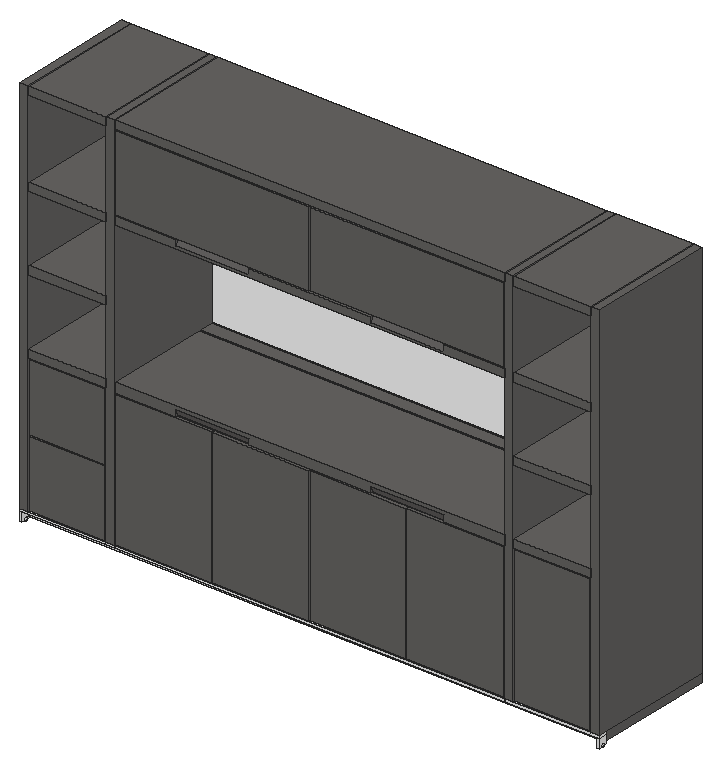
Revit family "Storage-Wall-Teknion-ZXDS_74_High_Without_Lights-R2011", category Furniture Systems, Revit 2013
Parameters (values of type "(See Type Catalog)")
  Working Wall Finish [instance] = Glass - Teknion - K6 - White Backpainted
  Width = 108 105/128"
  Warranty = "http://www.teknionstudio.com/pdfs/Teknion%20Studio%20Warranty.pdf"
  Wall Unit Finish [instance] = Veneer - Teknion - P7 - Grey Oak
  Unit Weight = 740.00 lbf
  URL = "www.teknionstudio.com"
  Left Tabletop Cutout Offset = if(Has Left Double Doors, 0", 4")  # 0"
  Right Tabletop Cutout Offset = if(Has Right Double Doors, 0", 5")  # 0"
  Right Storage Tower = Storage-Unit-Teknion-Tower : Upper Shelves & Lower Door
  Left Storage Tower = Storage-Unit-Teknion-Tower : Upper Shelves & File/File Pedestal
  Series = "B&B Italia"
  Product Page URL = "http://www.teknionstudio.com/acexecutive/"
  Product Line = "AC Executive"
  Product Documentation Link = "http://www.teknionstudio.com/pricing/ac_executive_storage_walls_ppg.pdf"
  Part Number = "ZXDS"
  Model = ""
  Manufacturer Phone = "919-464-2920"
  Manufacturer Fax = "919-464-2927"
  Manufacturer Email = "customersupport@teknionstudio.com"
  Manufacturer Address = "3940 US 70 Business HWY West, Clayton, NC 27520"
  Manufacturer = "Teknion Studio"  # constant formula
  Low Emitting Material = yes
  Low Emitting Finish = yes
  Height = 73.81394"
  Has Right File File Drawers = not(Has Right Double Doors)  # no
  Has Right Double Doors = yes
  Has Left File File Drawers = not(Has Left Double Doors)  # no
  Has Left Double Doors = yes
  Description = ""
  Depth = 24"
  Assembly Code = "E2020200"
Reference planes (in)
  plane 1 "Center F/B": y = 0
  plane 2: z = 0
  plane 3 "Back": y = 12
  plane 4 "Front": y = -12
  plane 5 "Top": z = 73.81394
  plane 6: x = 28.60504
  plane 7: z = 29.68402
  plane 8: z = 56.1289
  plane 9: x = -44.78207
  plane 10: z = 2.1289
  plane 11 "Center L/R": x = -8.08858
  plane 12 "Foot Centerline": y = -11.2126
  plane 13 "Tabletop Cutout": y = -12
  plane 14 "Foot Centerline Front": y = -10.22835
  plane 15 "Foot Centerline Back": y = 10.22835
  plane 16: y = -8.484
  plane 17 "Left": x = -62.49874
  plane 18 "Right": x = 46.32157
  plane 19: y = -12
Forms (in)
  Sweep 1, solid, material "Metal - Teknion - C6 - Chrome"
    path origin (0, 0, 0) x (1, 0, 0) y (0, 0, 1)
      loop
        line (-44.78207, 2.1289) -> (28.60504, 2.1289)
    profile origin (-8.08852, 0, 2.1289) x (0, 0, 1) y (0, -1, 0)
      loop
        line (0, 12) -> (-0.394, 12) -> (-0.394, 10.4252) -> (0, 10.4252) -> (0, 12)
  Sweep 2, solid, material "Metal - Teknion - C6 - Chrome"
    path origin (0, 0, 0) x (1, 0, 0) y (0, 0, 1)
      loop
        line (-44.78207, 2.1289) -> (28.60504, 2.1289)
    profile origin (-8.08852, 0, 2.1289) x (0, 0, 1) y (0, -1, 0)
      loop
        line (-0.394, 10.6222) -> (-1.5748, 10.6222) -> (-1.5748, 10.4252) -> (-0.394, 10.4252) -> (-0.394, 10.6222)
  Sweep 3, solid, material "Veneer - Teknion - P7 - Grey Oak" <- "Wall Unit Finish"
    path origin (0, 0, 0) x (1, 0, 0) y (0, 0, 1)
      loop
        line (-44.78207, 29.68402) -> (28.60504, 29.68402)
    profile origin (-8.08852, 0, 29.68402) x (0, 0, 1) y (0, -1, 0)
      loop
        line (0, 12) -> (-1.7638, 12) -> (-1.7638, -7.11393) -> (-5.30827, -7.11393) -> (-5.30827, -11.25) -> (-29.0945, -11.25) -> (-29.0945, -12) -> (44.12992, -12) -> (44.12992, 12) -> (42.59022, 12) -> (42.59022, 11.2126) -> (27.98392, 11.2126) -> (27.98392, 12) -> (26.44488, 12) -> (26.44488, -10.94094) -> (0, -10.94094) -> (0, -10.90969) -> (-0.72441, -10.90969) -> (-0.72441, -10.56693) -> (0, -10.56693) -> (0, -8.05709) -> (-0.72441, -8.05709) -> (-0.72441, -7.80709) -> (0, -7.80709) -> (0, 12)
  Sweep 4, solid, material "Veneer - Teknion - P7 - Grey Oak" <- "Wall Unit Finish"
    path origin (0, 0, 0) x (1, 0, 0) y (0, 0, 1)
      loop
        line (-44.78207, 29.68402) -> (28.60504, 29.68402)
    profile origin (-8.08852, 0, 29.68402) x (0, 0, 1) y (0, -1, 0)
      loop
        line (-1.7638, 11.27559) -> (-27.55512, 11.27559) -> (-27.55512, 10.4252) -> (-29.0945, 10.4252) -> (-29.0945, -11.25) -> (-1.7638, -11.25) -> (-1.7638, 11.27559)
  Sweep 5, solid, material "Veneer - Teknion - P7 - Grey Oak" <- "Wall Unit Finish"
    path origin (0, 0, 15.40683) x (-1, 0, 0) y (0, -1, 0)
      loop
        line (16.17717, 12) -> (16.17717, 11.276)
    profile origin (-16.17717, -11.638, 15.40683) x (-1, 0, 0) y (0, 0, 1)
      loop
        line (28.35376, 42.5111) -> (28.35376, 56.6174) -> (-7.96416, 56.6174) -> (-7.96416, 42.5111) -> (28.35376, 42.5111)
      loop
        line (-8.21416, 56.6174) -> (-44.5322, 56.6174) -> (-44.5322, 42.5111) -> (-8.21416, 42.5111) -> (-8.21416, 56.6174)
  Sweep 6, solid, material "Veneer - Teknion - P7 - Grey Oak" <- "Wall Unit Finish", visible <- "Has Right Double Doors"
    path origin (0, 0, 15.40683) x (-1, 0, 0) y (0, -1, 0)
      loop
        line (16.17717, 12) -> (16.17717, 11.276)
    profile origin (-16.17717, -11.638, 15.40683) x (-1, 0, 0) y (0, 0, 1)
      loop
        line (-44.5322, 12.26339) -> (-44.5322, -13.03482) -> (-26.41531, -13.03482) -> (-26.41531, 12.26339) -> (-44.5322, 12.26339)
      loop
        line (-26.16531, 12.26339) -> (-26.16531, -13.03482) -> (-8.21358, -13.03482) -> (-8.21358, 12.26339) -> (-26.16531, 12.26339)
  Sweep 7, solid, material "Veneer - Teknion - P7 - Grey Oak" <- "Wall Unit Finish", visible <- "Has Right File File Drawers"
    path origin (0, 0, 15.40683) x (-1, 0, 0) y (0, -1, 0)
      loop
        line (16.17717, 12) -> (16.17717, 11.276)
    profile origin (-16.17717, -11.638, 15.40683) x (-1, 0, 0) y (0, 0, 1)
      loop
        line (-44.5315, 12.26339) -> (-44.5315, 0.01144) -> (-8.21358, 0.01144) -> (-8.21358, 12.26339) -> (-44.5315, 12.26339)
      loop
        line (-8.21358, -0.77597) -> (-44.5315, -0.77597) -> (-44.5315, -13.03482) -> (-8.21358, -13.03482) -> (-8.21358, -0.77597)
  Sweep 8, void
    path origin (0, 0, 0) x (1, 0, 0) y (0, 0, 1)
      loop
        line (3.34896, 29.68402) -> (17.12848, 29.68402)
    profile origin (10.23872, 0, 29.68402) x (0, 0, 1) y (0, -1, 0)
      loop
        line (-1.7638, 12) -> (-1.7638, 11.52756) -> (-0.66143, 12) -> (-1.7638, 12)
  Sweep 9, void
    path origin (0, 0, 0) x (1, 0, 0) y (0, 0, 1)
      loop
        line (-33.3248, 56.1289) -> (-19.54528, 56.1289)
    profile origin (-26.43504, 0, 56.1289) x (0, 0, 1) y (0, -1, 0)
      loop
        line (1.53937, 12) -> (0.43699, 12) -> (1.53937, 11.52755) -> (1.53937, 12)
  Sweep 10, void
    path origin (0, 0, 0) x (1, 0, 0) y (0, 0, 1)
      loop
        line (3.36811, 56.1289) -> (17.14764, 56.1289)
    profile origin (10.25787, 0, 56.1289) x (0, 0, 1) y (0, -1, 0)
      loop
        line (1.53937, 11.52755) -> (1.53937, 12) -> (0.43699, 12) -> (1.53937, 11.52755)
  Sweep 11, void
    path origin (0, 0, 0) x (1, 0, 0) y (0, 1, 0)
      loop
        line (-8.08858, 12) -> (-8.08858, 11.25)
    profile origin (-8.08858, 11.625, 0) x (1, 0, 0) y (0, 0, 1)
      loop
        line (32.75666, 25.86173) -> (32.75666, 26.43423)
        arc (32.75666, 26.43423) -> (32.58092, 26.8585) -> (32.15666, 27.03423) r 0.6
        line (32.15666, 27.03423) -> (30.40353, 27.03423)
        arc (30.40353, 27.03423) -> (29.97927, 26.8585) -> (29.80353, 26.43423) r 0.6
        line (29.80353, 26.43423) -> (29.80353, 25.86173)
        arc (29.80353, 25.86173) -> (29.97927, 25.43747) -> (30.40353, 25.26173) r 0.6
        line (30.40353, 25.26173) -> (32.15666, 25.26173)
        arc (32.15666, 25.26173) -> (32.58092, 25.43747) -> (32.75666, 25.86173) r 0.6
      loop
        line (32.75666, 4.2289) -> (32.75666, 4.8014)
        arc (32.75666, 4.8014) -> (32.58092, 5.22566) -> (32.15666, 5.4014) r 0.6
        line (32.15666, 5.4014) -> (30.40353, 5.4014)
        arc (30.40353, 5.4014) -> (29.97927, 5.22566) -> (29.80353, 4.8014) r 0.6
        line (29.80353, 4.8014) -> (29.80353, 4.2289)
        arc (29.80353, 4.2289) -> (29.97927, 3.80464) -> (30.40353, 3.6289) r 0.6
        line (30.40353, 3.6289) -> (32.15666, 3.6289)
        arc (32.15666, 3.6289) -> (32.58092, 3.80464) -> (32.75666, 4.2289) r 0.6
      loop
        arc (-32.75666, 25.86173) -> (-32.58092, 25.43747) -> (-32.15666, 25.26173) r 0.6
        line (-32.15666, 25.26173) -> (-30.40353, 25.26173)
        arc (-30.40353, 25.26173) -> (-29.97927, 25.43747) -> (-29.80353, 25.86173) r 0.6
        line (-29.80353, 25.86173) -> (-29.80353, 26.43423)
        arc (-29.80353, 26.43423) -> (-29.97927, 26.8585) -> (-30.40353, 27.03423) r 0.6
        line (-30.40353, 27.03423) -> (-32.15666, 27.03423)
        arc (-32.15666, 27.03423) -> (-32.58092, 26.8585) -> (-32.75666, 26.43423) r 0.6
        line (-32.75666, 26.43423) -> (-32.75666, 25.86173)
      loop
        arc (-32.75666, 4.2289) -> (-32.58092, 3.80464) -> (-32.15666, 3.6289) r 0.6
        line (-32.15666, 3.6289) -> (-30.40353, 3.6289)
        arc (-30.40353, 3.6289) -> (-29.97927, 3.80464) -> (-29.80353, 4.2289) r 0.6
        line (-29.80353, 4.2289) -> (-29.80353, 4.8014)
        arc (-29.80353, 4.8014) -> (-29.97927, 5.22566) -> (-30.40353, 5.4014) r 0.6
        line (-30.40353, 5.4014) -> (-32.15666, 5.4014)
        arc (-32.15666, 5.4014) -> (-32.58092, 5.22566) -> (-32.75666, 4.8014) r 0.6
        line (-32.75666, 4.8014) -> (-32.75666, 4.2289)
  Sweep 12, solid, material "Veneer - Teknion - P7 - Grey Oak" <- "Wall Unit Finish", visible <- "Has Left File File Drawers"
    path origin (-36.67323, 0, 15.40683) x (-1, 0, 0) y (0, -1, 0)
      loop
        line (-28.58465, 12) -> (-28.58465, 11.276)
    profile origin (-8.08858, -11.638, 15.40683) x (-1, 0, 0) y (0, 0, 1)
      loop
        line (36.44291, 12.26339) -> (0.125, 12.26339) -> (0.125, 0.01144) -> (36.44291, 0.01144) -> (36.44291, 12.26339)
      loop
        line (0.125, -0.77597) -> (0.125, -13.03482) -> (36.44291, -13.03482) -> (36.44291, -0.77597) -> (0.125, -0.77597)
  Sweep 13, solid, material "Veneer - Teknion - P7 - Grey Oak" <- "Wall Unit Finish", visible <- "Has Left Double Doors"
    path origin (-36.6535, 0, 15.40683) x (-1, 0, 0) y (0, -1, 0)
      loop
        line (-28.56492, 12) -> (-28.56492, 11.276)
    profile origin (-8.08858, -11.638, 15.40683) x (-1, 0, 0) y (0, 0, 1)
      loop
        line (0.125, 12.26339) -> (0.125, -13.03482) -> (18.15924, -13.03482) -> (18.15924, 12.26339) -> (0.125, 12.26339)
      loop
        line (18.40924, 12.26339) -> (18.40924, -13.03482) -> (36.44349, -13.03482) -> (36.44349, 12.26339) -> (18.40924, 12.26339)
  Sweep 14, void
    path origin (-35.79532, 0, 0) x (1, 0, 0) y (0, 0, 1)
      loop
        line (2.47023, 29.68402) -> (16.24976, 29.68402)
    profile origin (-26.43533, 0, 29.68402) x (0, 0, 1) y (0, -1, 0)
      loop
        line (-1.7638, 12) -> (-1.7638, 11.52756) -> (-0.66143, 12) -> (-1.7638, 12)
Cuts and joins
  joined: Sweep 1, Sweep 2
  Sweep 8, Sweep 9, Sweep 10, Sweep 11, Sweep 14 cuts Sweep 3
Lines and regions (in)
  Masking region 1
    outline origin (0, 0, 15.40683) x (-1, 0, 0) y (0, -1, 0)
      loop
        line (44.78207, -12) -> (44.78207, 12) -> (-28.60504, 12) -> (-28.60504, -12) -> (44.78207, -12)
  symbolic lines, style "Elevation Swing"
    curve 1: line (-44.78207, -12, 57.66827) -> (-26.43533, -12, 72.02424)
    curve 2: line (-8.08858, -12, 57.66832) -> (-26.43533, -12, 72.02424)
    curve 3: line (-8.08858, 0, 57.66832) -> (10.19601, 0, 72.02424)
    curve 4: line (10.19601, 0, 72.02424) -> (28.60504, 0, 57.66827)
  symbolic lines, style "Elevation Swing", visible <- "Has Right Double Doors"
    curve 5: line (9.98815, 0, 27.67022) -> (-7.96358, 0, 15.02111)
    curve 6: line (-7.96358, 0, 15.02111) -> (9.98815, 0, 2.37201)
    curve 7: line (10.23815, 0, 2.37201) -> (28.3549, 0, 15.02456)
    curve 8: line (28.3549, 0, 15.02456) -> (10.23815, 0, 27.67022)
  symbolic lines, detail levels medium+fine
    curve 9: line (-8.08852, 12, 15.40683) -> (-8.08852, -12, 15.40683)
  symbolic lines, style "FurnitureSystemsHiddenLines", detail levels fine
    curve 10: line (28.6049, -11.276, 15.40683) -> (-44.78207, -11.276, 15.40683)
    curve 15: line (28.6049, 12, 15.40683) -> (28.6049, -12, 15.40683)
  symbolic lines, visible <- "Has Right Double Doors"
    curve 11: arc (10.25826, -12, 15.40683) -> (15.63187, -24.97304, 15.40683) -> (28.6049, -30.34664, 15.40683) r 18.34664
    curve 12: line (-8.08852, -12, 15.40683) -> (-8.08852, -30.34678, 15.40683)
    curve 13: line (28.6049, -12, 15.40683) -> (28.6049, -30.34664, 15.40683)
    curve 14: arc (-8.08852, -30.34678, 15.40683) -> (4.88461, -24.97313, 15.40683) -> (10.25826, -12, 15.40683) r 18.34678
  symbolic lines, style "Elevation Swing", visible <- "Has Left Double Doors"
    curve 16: line (-26.24783, 0, 2.37201) -> (-8.21358, 0, 15.02111)
    curve 17: line (-8.21358, 0, 15.02111) -> (-26.24783, 0, 27.67022)
    curve 18: line (-26.49783, 0, 27.67022) -> (-44.53207, 0, 15.02111)
    curve 19: line (-44.53207, 0, 15.02111) -> (-26.49783, 0, 2.37201)
  symbolic lines, visible <- "Has Left Double Doors"
    curve 20: arc (-26.43529, -12, 15.40683) -> (-31.80894, -24.97313, 15.40683) -> (-44.78207, -30.34678, 15.40683) r 18.34678
    curve 21: line (-8.08852, -12, 15.40683) -> (-8.08852, -30.34678, 15.40683)
    curve 22: line (-44.78207, -12, 15.40683) -> (-44.78207, -30.34678, 15.40683)
    curve 23: arc (-8.08852, -30.34678, 15.40683) -> (-21.06165, -24.97313, 15.40683) -> (-26.43529, -12, 15.40683) r 18.34678
Dimensions and locks (in)
  equal spacing: plane 3 "Back", plane 1 "Center F/B", plane 4 "Front"
  "Depth": plane 3 "Back" to plane 4 "Front"
  "Height": plane 5 "Top" to plane 2
  locked: plane 7 to plane 2 at 29.68402
  locked: plane 8 to plane 7 at 26.44488
  locked: plane 10 to plane 2 at 2.1289
  locked: plane 10 to Sweep 2 sketch curve at 0.394
  locked: Sweep 2 sketch curve to Sweep 2 sketch curve at 1.1808
  plane 4 "Front" to Sweep 2 sketch curve to Sweep 2 sketch curve = 1.3778" locked, 0.197" locked
  locked: plane 4 "Front" to plane 12 "Foot Centerline" at 0.7874
  locked: plane 10 to Sweep 3 sketch curve at 1.53939
  locked: plane 7 to Sweep 3 sketch curve at 1.7638
  Sweep 4 sketch curve to Sweep 4 sketch curve to plane 3 "Back" = 22.52559" locked, 3/4" locked
  locked: plane 7 to Sweep 4 sketch curve at 1.7638
  locked: plane 4 "Front" to Sweep 4 sketch curve at 1.5748
  locked: plane 4 "Front" to Sweep 5 sketch curve at 0.724
  plane 5 "Top" to Sweep 5 sketch curve to Sweep 5 sketch curve = 1.7897" locked, 14.1063" locked  (x2)
  Sweep 5 sketch curve to Sweep 5 sketch curve to Sweep 5 sketch curve to Sweep 5 sketch curve = 36.31805", 1/4", 36.31791"
  locked: plane 4 "Front" to Sweep 6 sketch curve at 0.724
  locked: plane 4 "Front" to Sweep 7 sketch curve at 0.724
  locked: Sweep 8 sketch curve to Sweep 8 sketch curve at 13.77953
  locked: plane 7 to Sweep 8 sketch curve at 1.7638
  locked: plane 13 "Tabletop Cutout" to Sweep 8 sketch curve at 0.47244
  locked: Sweep 9 sketch curve to Sweep 9 sketch curve at 13.77953
  locked: Sweep 9 sketch curve to plane 8 at 1.53937
  locked: Sweep 9 sketch curve to plane 8 at 0.43699
  locked: plane 4 "Front" to Sweep 9 sketch curve at 0.47245
  Sweep 10 sketch curve to Sweep 10 sketch curve to plane 8 = 1.10238" locked, 0.43699" locked
  locked: plane 4 "Front" to Sweep 10 sketch curve at 0.47245
  equal spacing: plane 11 "Center L/R", curve 2, plane 9
  equal spacing: plane 6, curve 4, plane 11 "Center L/R"
  locked: plane 4 "Front" to curve 10 at 0.724
  locked: plane 3 "Back" to plane 15 "Foot Centerline Back" at 1.77165
  locked: plane 4 "Front" to plane 14 "Foot Centerline Front" at 1.77165
  locked: plane 4 "Front" to plane 16 at 3.516
  locked: plane 17 "Left" to plane 9 at 17.71667
  locked: Sweep 6 sketch curve to Sweep 6 sketch curve at 25.29821  (x2)
  Sweep 7 sketch curve to Sweep 7 sketch curve to Sweep 7 sketch curve to Sweep 7 sketch curve = 12.25195" locked, 0.7874" locked, 12.25886" locked
  equal spacing: curve 12, curve 14, plane 6
  locked: plane 6 to Sweep 8 sketch curve at 11.47655
  locked: plane 11 "Center L/R" to Sweep 9 sketch curve at 11.45669
  Sweep 10 sketch curve to Sweep 10 sketch curve to plane 11 "Center L/R" = 13.77953" locked, 11.45669" locked
  locked: plane 11 "Center L/R" to Sweep 7 sketch curve at 0.125
  locked: Sweep 7 sketch curve to plane 11 "Center L/R" at 0.125
  locked: plane 7 to Sweep 7 sketch curve at 2.0138
  locked: Sweep 6 sketch curve to plane 11 "Center L/R" at 0.125
  locked: plane 7 to Sweep 6 sketch curve at 2.0138  (x2)
  locked: Sweep 5 sketch curve to plane 6 at 0.25
  locked: plane 6 to plane 18 "Right" at 17.71654
  "Width": plane 17 "Left" to plane 18 "Right"
  equal spacing: plane 17 "Left", plane 11 "Center L/R", plane 18 "Right"
  locked: Sweep 13 sketch curve to Sweep 13 sketch curve at 25.29821  (x2)
  locked: plane 4 "Front" to Sweep 13 sketch curve at 0.724
  locked: plane 11 "Center L/R" to Sweep 13 sketch curve at 0.125
  locked: plane 9 to Sweep 13 sketch curve at 0.25
  Sweep 13 sketch curve to Sweep 13 sketch curve = 18.03424"  (x2)
  locked: Sweep 13 sketch curve to Sweep 13 sketch curve at 0.25
  locked: Sweep 13 sketch curve to plane 10 at 0.24311  (x2)
  locked: plane 4 "Front" to Sweep 12 sketch curve at 0.724
  locked: Sweep 12 sketch curve to plane 10 at 0.24311
  Sweep 12 sketch curve to Sweep 12 sketch curve to Sweep 12 sketch curve to Sweep 12 sketch curve = 12.25195" locked, 0.7874" locked, 12.25886" locked
  locked: Sweep 12 sketch curve to plane 9 at 0.25057
  locked: plane 9 to Sweep 12 sketch curve at 0.25057
  locked: plane 11 "Center L/R" to Sweep 12 sketch curve at 0.125  (x2)
  locked: Sweep 7 sketch curve to plane 6 at 0.25071
  locked: plane 6 to Sweep 7 sketch curve at 0.25071
  plane 6 to Sweep 6 sketch curve = 1/4"
  locked: Sweep 6 sketch curve to Sweep 6 sketch curve at 0.25
  locked: Sweep 14 sketch curve to Sweep 14 sketch curve at 13.77953
  locked: plane 11 "Center L/R" to Sweep 14 sketch curve at 11.45698
  "Right Tabletop Cutout Offset": plane 13 "Tabletop Cutout" to plane 4 "Front"
  "Left Tabletop Cutout Offset": plane 19 to plane 4 "Front"
  equal spacing: curve 22, curve 23, curve 12
  plane 7 to Sweep 14 sketch curve to Sweep 14 sketch curve = 0.66143" locked, 1.10236" locked
  locked: Sweep 14 sketch curve to plane 19 at 0.47244
  locked: plane 3 "Back" to Sweep 3 sketch curve at 0.75
  locked: plane 3 "Back" to Sweep 3 sketch curve at 4.88607
  locked: Sweep 3 sketch curve to plane 7 at 5.30827
  locked: plane 3 "Back" to Sweep 11 sketch curve at 0.75
  plane 6 to Sweep 11 sketch curve to Sweep 11 sketch curve = 3.93696" locked, 2 61/64" locked  (x2)
  Sweep 11 sketch curve to Sweep 11 sketch curve to plane 9 = 2 61/64" locked, 3.93683" locked  (x2)
  plane 7 to Sweep 11 sketch curve to Sweep 11 sketch curve = 2.64978" locked, 1.7725" locked
  Sweep 11 sketch curve to Sweep 11 sketch curve to plane 10 = 1.7725" locked, 1 1/2" locked  (x2)
  locked: plane 10 to Sweep 4 sketch curve at 1.53939
  aligned and locked: level to plane 2
  aligned and locked: Sweep 1 sketch curve to plane 10  (x2)
  aligned and locked: Sweep 1 sketch curve to plane 4 "Front"
  aligned and locked: Sweep 2 sketch curve to plane 10
  aligned and locked: plane 9 to Sweep 3 sketch curve
  aligned and locked: plane 6 to Sweep 3 sketch curve
  aligned and locked: Sweep 3 sketch curve to plane 7  (x4)
  aligned and locked: Sweep 3 sketch curve to plane 4 "Front"
  aligned and locked: plane 3 "Back" to Sweep 3 sketch curve
  aligned and locked: Sweep 4 sketch curve to plane 7
  aligned and locked: plane 10 to Sweep 4 sketch curve
  aligned and locked: plane 4 "Front" to Sweep 5 sketch curve
  aligned and locked: Sweep 3 sketch curve to plane 8
  aligned and locked: plane 4 "Front" to Sweep 6 sketch curve
  aligned and locked: plane 4 "Front" to Sweep 7 sketch curve
  aligned and locked: Sweep 8 sketch curve to plane 7
  aligned and locked: plane 13 "Tabletop Cutout" to Sweep 8 sketch curve
  aligned and locked: Sweep 9 sketch curve to plane 8
  aligned and locked: Sweep 10 sketch curve to plane 8
  aligned and locked: Sweep 10 sketch curve to plane 4 "Front"
  aligned and locked: plane 9 to curve 1
  aligned and locked: plane 11 "Center L/R" to curve 2
  aligned and locked: Sweep 5 to curve 2
  aligned and locked: plane 6 to curve 4
  aligned and locked: Masking region 1 sketch curve to plane 3 "Back"
  aligned and locked: Masking region 1 sketch curve to plane 4 "Front"
  aligned and locked: plane 3 "Back" to curve 9
  aligned and locked: plane 4 "Front" to curve 9
  aligned and locked: plane 3 "Back" to curve 15
  aligned and locked: plane 4 "Front" to curve 15
  aligned and locked: Sweep 3 sketch curve to plane 5 "Top"
  aligned and locked: plane 12 "Foot Centerline" to Sweep 3 sketch curve
  aligned and locked: plane 4 "Front" to Sweep 3 sketch curve  (x2)
  aligned and locked: plane 4 "Front" to curve 14
  aligned and locked: plane 9 to Masking region 1 sketch curve
  aligned and locked: plane 1 "Center F/B" to Sweep 4 sketch curve
  aligned: plane 11 "Center L/R" to Sweep 4 sketch curve
  aligned and locked: plane 6 to Sweep 4 sketch curve
  aligned and locked: nested 1 to plane 2
  aligned and locked: Sweep 6 to curve 7
  aligned and locked: curve 6 to Sweep 6
  aligned and locked: curve 8 to Sweep 6
  aligned and locked: Sweep 6 to curve 5
  aligned and locked: Sweep 6 to Sweep 6
  aligned and locked: Sweep 6 to curve 6
  aligned and locked: curve 7 to Sweep 6
  aligned and locked: Sweep 6 to curve 8
  aligned and locked: plane 9 to nested 1
  aligned and locked: nested 1 to plane 1 "Center F/B"
  aligned and locked: Masking region 1 sketch curve to plane 6
  aligned and locked: plane 1 "Center F/B" to nested 2
  aligned and locked: nested 2 to plane 6
  aligned and locked: plane 2 to nested 2
  aligned and locked: plane 6 to Sweep 1 sketch curve
  aligned and locked: Sweep 13 to Sweep 13
  aligned and locked: plane 9 to Sweep 4 sketch curve
  aligned and locked: plane 4 "Front" to Sweep 13 sketch curve
  aligned and locked: plane 11 "Center L/R" to Sweep 13 sketch curve
  aligned and locked: plane 11 "Center L/R" to Sweep 12 sketch curve
  aligned and locked: plane 4 "Front" to Sweep 12 sketch curve
  aligned and locked: Sweep 13 to curve 19  (x2)
  aligned and locked: curve 16 to Sweep 13
  aligned and locked: curve 18 to Sweep 13
  aligned and locked: Sweep 14 sketch curve to plane 7
  aligned and locked: curve 22 to plane 9
  aligned and locked: curve 12 to curve 23
  aligned and locked: curve 22 to curve 22
  aligned and locked: Sweep 14 sketch curve to plane 19
  aligned and locked: plane 9 to Sweep 1 sketch curve
  aligned and locked: Sweep 11 sketch curve to plane 11 "Center L/R"
  aligned and locked: plane 3 "Back" to Sweep 11 sketch curve
  aligned and locked: plane 9 to Sweep 2 sketch curve
  aligned and locked: plane 6 to Sweep 2 sketch curve
  aligned and locked: Sweep 5 to curve 4
  aligned and locked: Sweep 7 to curve 6
  aligned and locked: Sweep 7 to curve 5
  aligned and locked: plane 9 to curve 10
Automatic sketch dimensions
  Sweep 4 sketch curve to plane 11 "Center L/R" = 36.69349"
  Sweep 4 sketch curve to plane 6 = 0"
  plane 8 to curve 2 = 1.53942"
  plane 8 to curve 1 = 1.53937"
  profile plane to Sweep 1 sketch curve = 0.394"
  Sweep 1 sketch curve to Sweep 1 sketch curve = 1.5748"
  profile plane to Sweep 3 sketch curve = 0.72441"  (x2)
  Sweep 3 sketch curve to Sweep 3 sketch curve = 1.53904"
  Sweep 3 sketch curve to Sweep 3 sketch curve = 1.5397"
  Sweep 3 sketch curve to Sweep 3 sketch curve = 1.05906"
  Sweep 3 sketch curve to Sweep 3 sketch curve = 1/32"
  Sweep 3 sketch curve to Sweep 3 sketch curve = 0.34277"
  Sweep 3 sketch curve to Sweep 3 sketch curve = 1/4"
  Sweep 3 sketch curve to Sweep 3 sketch curve = 0.69316"
  Sweep 6 sketch curve to Sweep 6 sketch curve = 17.95173"
  Sweep 6 sketch curve to Sweep 6 sketch curve = 18.11689"
  profile plane to Sweep 8 sketch curve = 0.66143"
  Sweep 9 sketch curve to Sweep 9 sketch curve = 0.47245"
  Sweep 11 sketch curve to Sweep 11 sketch curve = 0"  (x6)
  Sweep 11 sketch curve to Sweep 11 sketch curve = 0.6"  (x6)
  Sweep 11 sketch curve to Sweep 11 sketch curve = 1.75312"
  Sweep 11 sketch curve to Sweep 11 sketch curve = 0.5725"  (x4)
  Sweep 11 sketch curve to Sweep 11 sketch curve = 19.86033"
  curve 3 to plane 11 "Center L/R" = 0"
  curve 19 to curve 16 = 1/4"
  curve 17 to plane 7 = 2.0138"
  curve 18 to curve 17 = 1/4"
  curve 16 to plane 11 "Center L/R" = 1/8"
  plane 11 "Center L/R" to curve 4 = 18.2846"
  curve 7 to plane 6 = 0.25013"
  plane 10 to curve 5 = 12.89222"
  curve 17 to curve 5 = 0"
  plane 10 to curve 18 = 12.89222"
  plane 10 to curve 8 = 12.89566"
  plane 8 to curve 4 = 1.53937"
  plane 8 to curve 3 = 1.53942"
  curve 14 to curve 23 = 0"
  plane 4 "Front" to curve 20 = 0"
  plane 4 "Front" to curve 22 = 0"
  curve 11 to curve 14 = 0"
  curve 15 to plane 6 = 0.00013"
  curve 20 to curve 23 = 0"
  plane 9 to curve 18 = 18.28424"
  plane 9 to curve 19 = 18.28424"
  Sweep 5 sketch curve to plane 11 "Center L/R" = 8.08858"
  Sweep 6 sketch curve to plane 11 "Center L/R" = 8.08858"
  Sweep 7 sketch curve to plane 11 "Center L/R" = 8.08858"
Nested families (in)
  nested 1: "Storage-Unit-Teknion-Tower" at (-53.64034, 0, 0) x (-1, 0, 0) z (0, 0, 1), type <- "Left Storage Tower", Height <- "Height", type "Upper Shelves & File/File Pedestal"
    with Height 73.81394", Has Top Shelf no, Has Right Leg yes, Has Left Leg no, Bottom Drawer Height 13.047"
  nested 2: "Storage-Unit-Teknion-Tower" at (37.46331, 0, 0), type <- "Right Storage Tower", Height <- "Height", type "Upper Shelves & Lower Door"
    with Height 73.81394", Has Top Shelf no, Has Right Leg yes, Has Left Leg no, Bottom Drawer Height 26.016"
Definition of nested family "Storage-Unit-Teknion-Tower"
  Parameters (values of type "Upper Wardrobe & Lower Door")
    Width = 17.71654"
    Warranty = "http://www.teknionstudio.com/pdfs/Teknion%20Studio%20Warranty.pdf"
    Wall Unit Finish = Veneer - Teknion - P8 - Light Brushed Oak
    URL = "www.teknionstudio.com"
    Series = "B&B Italia"  # constant formula
    Product Line = "AC Executive"  # constant formula
    Model = ""
    Middle Drawer Height = if(Has Top Drawer, 6.425", 12.719")  # 12.719"
    Manufacturer Phone = "919-464-2920"
    Manufacturer Fax = "919-464-2927"
    Manufacturer Email = "customersupport@teknionstudio.com"
    Manufacturer Address = "3940 US 70 Business HWY West, Clayton, NC 27520"
    Manufacturer = "Teknion Studio"  # constant formula
    Height [instance] = 73.81394"
    Has Top Shelf [instance] = and(Height > 75", Has Shelves)  # no
    Has Top Drawer = no
    Has Top Door = yes
    Has Shelves = no
    Has Right Leg [instance] = yes
    Has Middle Drawer = no
    Has Lower Shelf = yes
    Has Left Leg [instance] = no
    Has Full Wardrobe Door = no
    Has Doors = yes
    Door Projection Symbol = yes
    Description = "Tower Storage Unit"
    Depth = 24"
    Bottom Drawer Height [instance] = if(Has Middle Drawer, 13.047", if(Has Top Drawer, 13.047", if(Has Full Wardrobe Door, (Height - 3.668"), 26.016")))  # 26.016"
    Assembly Code = "E2010200"
  Types (7): name | Middle Drawer Height | Has Top Drawer | Has Top Door | Has Shelves | Has Middle Drawer | Has Lower Shelf | Has Full Wardrobe Door | Has Doors | Door Projection Symbol | Bottom Drawer Height
    Upper Shelves & Lower Door | 12.719" | no | no | yes | no | yes | no | yes | yes | 26.016"
    Upper Shelves & File/File Pedestal | 12.719" | no | no | yes | yes | yes | no | no | no | 13.047"
    Upper Shelves & Box/Box/File Pedestal | 6.425" | yes | no | yes | yes | yes | yes | no | no | 13.047"
    Full Wardrobe | 12.719" | no | no | no | no | no | yes | yes | yes | 70.14594"
    Upper Wardrobe & Lower Door | 12.719" | no | yes | no | no | yes | no | yes | yes | 26.016"
    Upper Wardrobe & File/File Pedestal | 12.719" | no | yes | no | yes | yes | no | no | yes | 13.047"
    Upper Wardrobe & Box/Box/File Pedestal | 6.425" | yes | yes | no | yes | yes | no | no | yes | 13.047"
  Reference planes (in)
    plane 1 "Center F/B": y = 0
    plane 2: z = 0
    plane 3 "Center L/R": x = 0
    plane 4 "Left": x = -8.85827
    plane 5 "Right": x = 8.85827
    plane 6 "Back": y = 12
    plane 7 "Front": y = -12
    plane 8 "Top": z = 73.81394
    plane 9: x = -7.3189
    plane 10: x = 7.3189
    plane 11: z = 2.1289
    plane 12 "Foot Centerline": y = -11.2126
    plane 13: z = 29.68402
    plane 14 "Drawer 1 Top": z = 28.1449
    plane 15 "Drawer 2 Top": z = 40.8639
    plane 16 "Drawer 3 Top": z = 27.89502
    plane 17: z = 42.13677
  Forms (in)
    Sweep 1, solid, material "Metal - Teknion - C6 - Chrome", visible <- "Has Left Leg"
      path origin (0, -12, 0) x (1, 0, 0) y (0, 0, 1)
        loop
          line (-8.85827, 1.7349) -> (-8.85827, 0.05803)
      profile origin (-8.85827, -12, 0.89646) x (0, -1, 0) y (1, 0, 0)
        loop
          line (-1.5748, 0) -> (0, 0) -> (0, 0.394) -> (-1.5748, 0.394) -> (-1.5748, 0)
    Sweep 2, solid, material "Metal - Teknion - C6 - Chrome"
      path origin (0, -12, 0) x (1, 0, 0) y (0, 0, 1)
        loop
          line (-8.85827, 2.1289) -> (8.46427, 2.1289)
      profile origin (-0.197, -12, 2.1289) x (0, 0, 1) y (0, -1, 0)
        loop
          line (-0.394, -1.5748) -> (-0.394, -1.3778) -> (-1.575, -1.3778) -> (-1.575, -1.5748) -> (-0.394, -1.5748)
    Revolve 3, solid, material "Metal - Teknion - C6 - Chrome"
      sketch origin (0, -11.2126, 0) x (0, 0, -1) y (1, 0, 0)
        loop
          line (-0.4911, 8.32677) -> (-0.45173, 8.2874) -> (-0.28492, 8.2874) -> (-0.24555, 8.32677) -> (-0.20618, 8.2874) -> (-0.03937, 8.2874) -> (0, 8.32677) -> (0, 8.66142) -> (-0.4911, 8.66142) -> (-0.4911, 8.32677)
        axis (0, 8.66142) -> (-0.4911, 8.66142)
      angle from 0 to 360
    Revolve 4, solid, material "Metal - Teknion - C6 - Chrome", visible <- "Has Left Leg"
      sketch origin (0, -11.2126, 0) x (0, 0, -1) y (1, 0, 0)
        loop
          line (0, -8.99606) -> (0, -8.66142) -> (-0.4911, -8.66142) -> (-0.4911, -8.99606) -> (-0.45173, -9.03543) -> (-0.28492, -9.03543) -> (-0.24555, -8.99606) -> (-0.20618, -9.03543) -> (-0.03937, -9.03543) -> (0, -8.99606)
        axis (0, -8.66142) -> (-0.4911, -8.66142)
      angle from 0 to 360
    Sweep 5, solid, material "Veneer - Teknion - P8 - Light Brushed Oak" <- "Wall Unit Finish"
      path origin (0, 0, 0) x (1, 0, 0) y (0, 0, 1)
        loop
          line (0, 2.1289) -> (0, 73.81394)
      profile origin (0, 0, 37.97142) x (-1, 0, 0) y (0, -1, 0)
        loop
          line (8.85827, -12) -> (8.85827, 12) -> (7.3189, 12) -> (7.3189, -12) -> (8.85827, -12)
        loop
          line (-7.3189, 12) -> (-8.85827, 12) -> (-8.85827, -12) -> (-7.3189, -12) -> (-7.3189, 12)
    Sweep 6, solid, material "Veneer - Teknion - P8 - Light Brushed Oak" <- "Wall Unit Finish"
      path origin (0, 0, 15.40683) x (-1, 0, 0) y (0, -1, 0)
        loop
          line (0, -12) -> (0, 12)
      profile origin (0, 0, 15.40683) x (1, 0, 0) y (0, 0, 1)
        loop
          line (-7.3189, 58.4071) -> (-7.3189, 56.86773) -> (7.3189, 56.86773) -> (7.3189, 58.4071) -> (-7.3189, 58.4071)
    Sweep 7, solid, material "Veneer - Teknion - P8 - Light Brushed Oak" <- "Wall Unit Finish"
      path origin (0, -12, 0) x (1, 0, 0) y (0, 0, 1)
        loop
          line (0, 2.1289) -> (0, 72.27457)
      profile origin (0, -12, 37.20173) x (-1, 0, 0) y (0, -1, 0)
        loop
          line (7.3189, -24) -> (7.3189, -23.25) -> (-7.3189, -23.25) -> (-7.3189, -24) -> (7.3189, -24)
    Sweep 8, solid, material "Veneer - Teknion - P8 - Light Brushed Oak" <- "Wall Unit Finish", visible <- "Has Lower Shelf"
      path origin (0, -12, 0) x (1, 0, 0) y (0, 0, 1)
        loop
          line (-7.3189, 29.68402) -> (7.3189, 29.68402)
      profile origin (0, -12, 29.68402) x (0, 0, 1) y (0, -1, 0)
        loop
          line (0, 0) -> (-1.539, 0) -> (-1.539, -0.724) -> (-27.55512, -0.724) -> (-27.55512, -23.25) -> (0, -23.25) -> (0, 0)
    Sweep 9, solid, material "Veneer - Teknion - P8 - Light Brushed Oak" <- "Wall Unit Finish"
      path origin (0, -12, 0) x (1, 0, 0) y (0, 0, 1)
        loop
          line (0, 2.3789) -> (0, 27.8949)
      profile origin (0, -12, 15.1369) x (-1, 0, 0) y (0, -1, 0)
        loop
          line (7.0689, -0.724) -> (7.0689, 0) -> (-7.0689, 0) -> (-7.0689, -0.724) -> (7.0689, -0.724)
    Sweep 10, solid, material "Veneer - Teknion - P8 - Light Brushed Oak" <- "Wall Unit Finish", visible <- "Has Middle Drawer"
      path origin (0, -12, 0) x (1, 0, 0) y (0, 0, 1)
        loop
          line (0, 28.1449) -> (0, 40.8639)
      profile origin (0, -12, 34.5044) x (-1, 0, 0) y (0, -1, 0)
        loop
          line (7.0689, -0.724) -> (7.0689, 0) -> (-7.0689, 0) -> (-7.0689, -0.724) -> (7.0689, -0.724)
    Sweep 11, solid, material "Veneer - Teknion - P8 - Light Brushed Oak" <- "Wall Unit Finish", visible <- "Has Top Drawer"
      path origin (0, -12, 0) x (1, 0, 0) y (0, 0, 1)
        loop
          line (0, 47.15802) -> (0, 41.1139)
      profile origin (0, -12, 44.13596) x (0, -1, 0) y (1, 0, 0)
        loop
          line (0, 7.0689) -> (-0.724, 7.0689) -> (-0.724, -7.0689) -> (0, -7.0689) -> (0, 7.0689)
    Sweep 12, solid, material "Veneer - Teknion - P8 - Light Brushed Oak" <- "Wall Unit Finish", visible <- "Has Shelves"
      path origin (0, -12, 0) x (1, 0, 0) y (0, 0, 1)
        loop
          line (0, 42.13677) -> (0, 43.67614)
      profile origin (0, -12, 42.90646) x (-1, 0, 0) y (0, -1, 0)
        loop
          line (7.3189, -23.25) -> (7.3189, 0) -> (-7.3189, 0) -> (-7.3189, -23.25) -> (7.3189, -23.25)
    Sweep 13, solid, material "Veneer - Teknion - P8 - Light Brushed Oak" <- "Wall Unit Finish", visible <- "Has Shelves"
      path origin (0, -12, 13.9918) x (1, 0, 0) y (0, 0, 1)
        loop
          line (0, 42.13677) -> (0, 43.67614)
      profile origin (0, -12, 56.89825) x (-1, 0, 0) y (0, -1, 0)
        loop
          line (7.3189, -23.25) -> (7.3189, 0) -> (-7.3189, 0) -> (-7.3189, -23.25) -> (7.3189, -23.25)
    Sweep 14, solid, material "Veneer - Teknion - P8 - Light Brushed Oak" <- "Wall Unit Finish", visible <- "Has Top Door"
      path origin (0, -12, 0) x (1, 0, 0) y (0, 0, 1)
        loop
          line (0, 29.93402) -> (0, 72.02457)
      profile origin (0, -12, 50.97929) x (-1, 0, 0) y (0, -1, 0)
        loop
          line (7.0689, -0.724) -> (7.0689, 0) -> (-7.0689, 0) -> (-7.0689, -0.724) -> (7.0689, -0.724)
    Sweep 15, solid, material "Veneer - Teknion - P8 - Light Brushed Oak" <- "Wall Unit Finish"
      path origin (0, -12, 0) x (1, 0, 0) y (0, 0, 1)
        loop
          line (-8.85827, 2.1289) -> (8.85827, 2.1289)
      profile origin (0, -12, 2.1289) x (0, 0, 1) y (0, -1, 0)
        loop
          line (0, -1.5748) -> (-1.53937, -1.5748) -> (-1.53937, -24) -> (0, -24) -> (0, -1.5748)
    Sweep 16, solid, material "Veneer - Teknion - P8 - Light Brushed Oak" <- "Wall Unit Finish", visible <- "Has Top Shelf"
      path origin (0, 0, 0) x (1, 0, 0) y (0, 0, 1)
        loop
          line (0, 73.81394) -> (0, 72.27457)
      profile origin (0, 0, 73.04425) x (0, -1, 0) y (1, 0, 0)
        loop
          line (-11.25, -7.3189) -> (12, -7.3189) -> (12, 7.3189) -> (-11.25, 7.3189) -> (-11.25, -7.3189)
    Sweep 17, solid, material "Metal - Teknion - C6 - Chrome"
      path origin (0, 0, 0) x (1, 0, 0) y (0, 0, 1)
        loop
          line (-8.85827, 2.1289) -> (8.85827, 2.1289)
      profile origin (0, 0, 2.1289) x (0, 0, 1) y (0, -1, 0)
        loop
          line (0, 10.4252) -> (0, 12) -> (-0.394, 12) -> (-0.394, 10.4252) -> (0, 10.4252)
    Sweep 18, solid, material "Metal - Teknion - C6 - Chrome"
      path origin (0, 0, 0) x (1, 0, 0) y (0, 0, 1)
        loop
          line (8.85827, 1.7349) -> (8.85827, 0.05803)
      profile origin (8.85827, 0, 0.89646) x (0, -1, 0) y (1, 0, 0)
        loop
          line (10.4252, -0.394) -> (12, -0.394) -> (12, 0) -> (10.4252, 0) -> (10.4252, -0.394)
  Lines and regions (in)
    Masking region 1
      outline origin (0, 0, 15.40683) x (-1, 0, 0) y (0, -1, 0)
        loop
          line (8.85827, -12) -> (8.85827, 12) -> (-8.85827, 12) -> (-8.85827, -12) -> (8.85827, -12)
    symbolic lines, style "FurnitureSystems", detail levels medium+fine
      curve 1: line (-7.3189, 12, 15.40683) -> (-7.3189, -12, 15.40683)
      curve 2: line (7.3189, 12, 15.40683) -> (7.3189, -12, 15.40683)
    symbolic lines, style "FurnitureSystemsHiddenLines", detail levels fine
      curve 3: line (-7.3189, -11.276, 15.40683) -> (7.3189, -11.276, 15.40683)
    symbolic lines, style "Elevation Swing", visible <- "Has Doors"
      curve 4: line (-7.3189, -12, 2.1289) -> (7.3189, -12, 15.1369)
      curve 5: line (7.3189, -12, 15.1369) -> (-7.3189, -12, 28.1449)
    symbolic lines, style "Elevation Swing", visible <- "Has Top Door"
      curve 6: line (-7.3189, -12, 29.68402) -> (7.3189, -12, 50.97929)
      curve 7: line (7.3189, -12, 50.97929) -> (-7.3189, -12, 72.27457)
    symbolic lines, style "FurnitureSystems", visible <- "Door Projection Symbol"
      curve 8: arc (-7.3189, -12, 0) -> (-3.03159, -22.35048, 0) -> (7.3189, -26.6378, 0) r 14.6378
    symbolic lines, visible <- "Door Projection Symbol"
      curve 9: line (7.3189, -12, 15.40683) -> (7.3189, -26.6378, 15.40683)
  Dimensions and locks (in)
    equal spacing: plane 4 "Left", plane 3 "Center L/R", plane 5 "Right"
    "Width": plane 4 "Left" to plane 5 "Right"
    equal spacing: plane 6 "Back", plane 1 "Center F/B", plane 7 "Front"
    "Depth": plane 6 "Back" to plane 7 "Front"
    locked: plane 4 "Left" to plane 9 at 1.53937
    locked: plane 10 to plane 5 "Right" at 1.53937
    "Height": plane 8 "Top" to level
    locked: Sweep 1 sketch curve to level at 0.05803
    locked: plane 11 to plane 2 at 2.1289
    plane 11 to Sweep 2 sketch curve to Sweep 2 sketch curve = 0.394" locked, 1.181" locked
    plane 7 "Front" to Sweep 2 sketch curve to Sweep 2 sketch curve = 1.3778" locked, 0.197" locked
    locked: Revolve 3 sketch curve to plane 2 at 0.4911  (x2)
    locked: plane 5 "Right" to Revolve 3 sketch curve at 0.57087
    locked: plane 7 "Front" to plane 12 "Foot Centerline" at 0.7874
    Revolve 3 sketch curve to Revolve 3 sketch curve to Revolve 3 sketch curve to Revolve 3 sketch curve to plane 2 = 0.16681" locked, 0.07874" locked, 0.16681" locked, 0.03937" locked
    locked: Revolve 4 sketch curve to plane 2 at 0.4911  (x2)
    locked: Revolve 4 sketch curve to Revolve 4 sketch curve at 0.37402
    Revolve 4 sketch curve to Revolve 4 sketch curve to Revolve 4 sketch curve to Revolve 4 sketch curve to plane 2 = 0.16681" locked, 0.07874" locked, 0.16681" locked, 0.03937" locked
    locked: Revolve 4 sketch curve to plane 4 "Left" at 0.19685
    locked: plane 8 "Top" to Sweep 6 sketch curve at 1.53937
    locked: plane 8 "Top" to Sweep 7 sketch curve at 1.53937
    locked: plane 6 "Back" to Sweep 7 sketch curve at 0.75
    locked: plane 13 to plane 2 at 29.68402
    locked: plane 7 "Front" to Sweep 8 sketch curve at 0.724
    locked: plane 13 to Sweep 8 sketch curve at 1.539
    locked: plane 13 to plane 16 "Drawer 3 Top" at 1.789
    "Bottom Drawer Height": plane 14 "Drawer 1 Top" to plane 11
    "Middle Drawer Height": plane 15 "Drawer 2 Top" to plane 14 "Drawer 1 Top"
    locked: plane 14 "Drawer 1 Top" to Sweep 9 sketch curve at 0.25
    locked: plane 7 "Front" to Sweep 9 sketch curve at 0.724
    locked: Sweep 10 sketch curve to plane 12 "Foot Centerline" at 0.0634
    locked: plane 7 "Front" to Sweep 11 sketch curve at 0.724
    locked: plane 17 to plane 13 at 12.45276
    group 1 to group 2 = 0"  (x2)
    group 1 to group 2 = 13.9918"
    locked: Sweep 13 to plane 17 at 13.9918
    locked: plane 8 "Top" to Sweep 14 sketch curve at 1.78937
    locked: Sweep 14 sketch curve to plane 13 at 0.25
    locked: plane 7 "Front" to Sweep 14 sketch curve at 0.724
    locked: plane 11 to Sweep 15 sketch curve at 1.53937
    locked: plane 7 "Front" to Sweep 15 sketch curve at 1.5748
    equal spacing: Sweep 6, curve 7, plane 13
    equal spacing: plane 14 "Drawer 1 Top", curve 5, plane 11
    locked: plane 6 "Back" to Sweep 16 sketch curve at 0.75
    Sweep 16 sketch curve to Sweep 16 sketch curve to plane 2 = 1.53937" locked, 72.27457" locked
    locked: Sweep 9 sketch curve to plane 11 at 0.25
    locked: plane 9 to Sweep 9 sketch curve at 0.25
    locked: Sweep 9 sketch curve to plane 10 at 0.25
    locked: Sweep 11 sketch curve to plane 15 "Drawer 2 Top" at 0.25
    locked: plane 9 to Sweep 11 sketch curve at 0.25
    locked: Sweep 11 sketch curve to plane 10 at 0.25
    locked: Sweep 10 sketch curve to plane 10 at 0.25
    locked: plane 9 to Sweep 10 sketch curve at 0.25
    locked: Sweep 11 sketch curve to Sweep 11 sketch curve at 6.04412
    locked: Sweep 14 sketch curve to plane 10 at 0.25
    locked: plane 9 to Sweep 14 sketch curve at 0.25
    locked: plane 4 "Left" to Sweep 1 sketch curve at 0.394
    locked: plane 7 "Front" to Sweep 1 sketch curve at 1.5748
    locked: plane 11 to Sweep 1 sketch curve at 0.394
    locked: Sweep 17 sketch curve to plane 7 "Front" at 1.5748
    locked: plane 11 to Sweep 17 sketch curve at 0.394
    locked: Sweep 18 sketch curve to plane 2 at 0.05803
    locked: Sweep 18 sketch curve to plane 5 "Right" at 0.394
    locked: plane 7 "Front" to Sweep 18 sketch curve at 1.5748
    locked: plane 11 to Sweep 18 sketch curve at 0.394
    locked: plane 5 "Right" to Sweep 2 sketch curve at 0.394
    aligned and locked: level to plane 2
    aligned and locked: Sweep 1 sketch curve to plane 4 "Left"
    aligned and locked: Sweep 2 sketch curve to plane 11
    aligned and locked: plane 2 to Revolve 3 sketch curve
    aligned and locked: Revolve 3 sketch curve to plane 2
    aligned and locked: plane 2 to Revolve 4 sketch curve
    aligned and locked: Revolve 4 sketch curve to plane 2
    aligned and locked: plane 8 "Top" to Sweep 5 sketch curve
    aligned and locked: plane 11 to Sweep 5 sketch curve
    aligned and locked: plane 3 "Center L/R" to Sweep 5 sketch curve
    aligned and locked: Sweep 5 sketch curve to plane 6 "Back"
    aligned and locked: plane 6 "Back" to Sweep 5 sketch curve
    aligned and locked: Sweep 5 sketch curve to plane 10
    aligned and locked: plane 5 "Right" to Sweep 5 sketch curve
    aligned and locked: Sweep 5 sketch curve to plane 9
    aligned and locked: plane 4 "Left" to Sweep 5 sketch curve
    aligned and locked: Sweep 5 sketch curve to plane 7 "Front"
    aligned and locked: plane 7 "Front" to Sweep 5 sketch curve
    aligned and locked: plane 6 "Back" to Sweep 6 sketch curve
    aligned and locked: plane 7 "Front" to Sweep 6 sketch curve
    aligned and locked: Sweep 6 sketch curve to plane 3 "Center L/R"
    aligned and locked: plane 9 to Sweep 6 sketch curve
    aligned and locked: Sweep 6 sketch curve to plane 8 "Top"
    aligned and locked: Sweep 6 sketch curve to plane 10
    aligned and locked: plane 11 to Sweep 7 sketch curve
    aligned and locked: plane 3 "Center L/R" to Sweep 7 sketch curve
    aligned and locked: plane 9 to Sweep 7 sketch curve
    aligned and locked: Sweep 7 sketch curve to plane 10
    aligned and locked: Sweep 7 sketch curve to plane 6 "Back"
    aligned and locked: plane 9 to Sweep 8 sketch curve
    aligned and locked: plane 10 to Sweep 8 sketch curve
    aligned and locked: Sweep 8 sketch curve to plane 13  (x2)
    aligned and locked: plane 7 "Front" to Sweep 8 sketch curve
    aligned and locked: Sweep 8 sketch curve to plane 11
    aligned and locked: plane 3 "Center L/R" to Sweep 9 sketch curve
    aligned and locked: Sweep 9 sketch curve to plane 7 "Front"
    aligned and locked: plane 15 "Drawer 2 Top" to Sweep 10 sketch curve
    aligned and locked: plane 14 "Drawer 1 Top" to Sweep 10 sketch curve
    aligned and locked: plane 3 "Center L/R" to Sweep 10 sketch curve
    aligned and locked: plane 7 "Front" to Sweep 10 sketch curve
    aligned and locked: Sweep 11 sketch curve to plane 3 "Center L/R"
    aligned and locked: Sweep 11 sketch curve to plane 7 "Front"
    aligned and locked: Sweep 13 to plane 9
    aligned and locked: plane 3 "Center L/R" to Sweep 14 sketch curve
    aligned and locked: Sweep 14 sketch curve to plane 7 "Front"
    aligned and locked: plane 4 "Left" to Sweep 15 sketch curve
    aligned and locked: plane 5 "Right" to Sweep 15 sketch curve
    aligned and locked: Sweep 15 sketch curve to plane 11  (x2)
    aligned and locked: Sweep 15 sketch curve to plane 6 "Back"
    aligned and locked: plane 4 "Left" to Masking region 1 sketch curve
    aligned and locked: Masking region 1 sketch curve to plane 6 "Back"
    aligned and locked: Masking region 1 sketch curve to plane 5 "Right"
    aligned and locked: Masking region 1 sketch curve to plane 7 "Front"
    aligned and locked: plane 6 "Back" to curve 1
    aligned and locked: curve 1 to plane 9
    aligned and locked: plane 7 "Front" to curve 2
    aligned and locked: plane 6 "Back" to curve 2
    aligned and locked: curve 2 to plane 10
    aligned and locked: plane 9 to curve 3
    aligned and locked: plane 10 to curve 3
    aligned and locked: curve 3 to Sweep 14
    aligned and locked: plane 11 to curve 4
    aligned and locked: plane 9 to curve 4
    aligned and locked: plane 10 to curve 5
    aligned and locked: plane 9 to curve 5
    aligned and locked: plane 14 "Drawer 1 Top" to curve 5
    aligned and locked: plane 13 to curve 6
    aligned and locked: plane 9 to curve 6
    aligned and locked: plane 9 to curve 7
    aligned and locked: curve 7 to Sweep 6
    aligned and locked: plane 7 "Front" to curve 8
    aligned and locked: curve 8 to plane 10
    aligned and locked: Sweep 16 sketch curve to plane 3 "Center L/R"
    aligned and locked: plane 9 to Sweep 16 sketch curve
    aligned and locked: Sweep 16 sketch curve to plane 10
    aligned and locked: Sweep 16 sketch curve to plane 7 "Front"
    aligned and locked: plane 4 "Left" to Sweep 17 sketch curve
    aligned and locked: plane 5 "Right" to Sweep 17 sketch curve
    aligned and locked: Sweep 17 sketch curve to plane 11  (x2)
    aligned and locked: Sweep 17 sketch curve to plane 7 "Front"
    aligned and locked: Sweep 18 sketch curve to plane 5 "Right"  (x2)
    aligned and locked: Sweep 18 sketch curve to plane 7 "Front"
    aligned and locked: plane 4 "Left" to Sweep 2 sketch curve
  Automatic sketch dimensions
    Revolve 3 sketch curve to Revolve 3 sketch curve = 0.03937"  (x3)
    Revolve 3 sketch curve to Revolve 3 sketch curve = 0"  (x2)
    Revolve 3 sketch curve to plane 5 "Right" = 0.19685"
    Revolve 4 sketch curve to Revolve 4 sketch curve = 0.03937"  (x3)
    Revolve 4 sketch curve to Revolve 4 sketch curve = 0"  (x2)
    Sweep 12 sketch curve to Sweep 12 sketch curve = 1.53937"
    profile plane to Sweep 12 sketch curve = 0"
    profile plane to Sweep 12 sketch curve = 7.3189"
    Sweep 12 sketch curve to profile plane = 7.3189"
    Sweep 12 sketch curve to profile plane = 23 1/4"
    Sweep 13 sketch curve to Sweep 13 sketch curve = 1.53937"
    profile plane to Sweep 13 sketch curve = 0"
    profile plane to Sweep 13 sketch curve = 7.3189"
    Sweep 13 sketch curve to profile plane = 7.3189"
    Sweep 13 sketch curve to profile plane = 23 1/4"
    Sweep 8 sketch curve to Sweep 8 sketch curve = 22.526"
    curve 7 to plane 10 = 0"
    curve 8 to plane 9 = 0"
    plane 7 "Front" to curve 1 = 0"
    plane 7 "Front" to curve 9 = 14.6378"
    Sweep 1 sketch curve to profile plane = 0"
    plane 7 "Front" to Sweep 1 sketch curve = 0"
